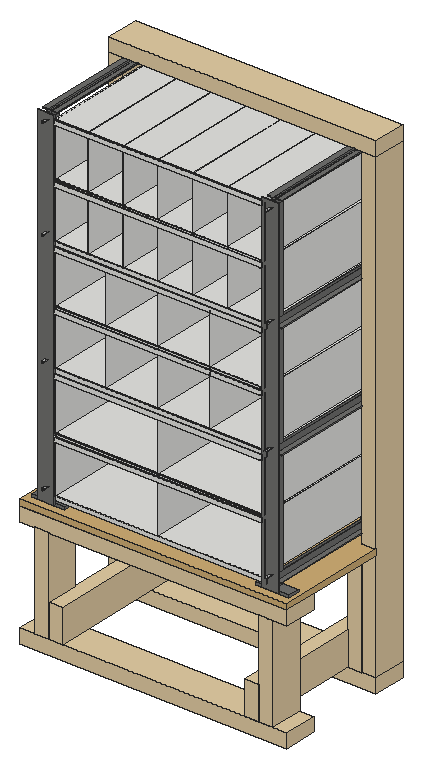
Revit family "Mailboxes_Aluminum-Rack_Ladder_System-Salsbury_Industries-3_Unit_High_Wall_Installation", category Specialty Equipment, host Wall, Revit 2016 (continued)
Definition of nested family "2200_Series_Aluminum_Mailboxes_Rack_Ladder_Units"
  Parameters (values of type "2204")
    Door Location D9 = Rack Ladder #3 Door : #3 Door
    Door Location D8 = Rack Ladder None : No Door
    Door Location D7 = Rack Ladder None : No Door
    Door Location D6 = Rack Ladder #3 Door : #3 Door
    Door Location D5 = Rack Ladder None : No Door
    Door Location D4 = Rack Ladder None : No Door
    Door Location D3 = Rack Ladder #3 Door : #3 Door
    Door Location D2 = Rack Ladder None : No Door
    Door Location D17 = Rack Ladder None : No Door
    Door Location D16 = Rack Ladder None : No Door
    Door Location D15 = Rack Ladder None : No Door
    Door Location D13 = Rack Ladder None : No Door
    Door Location D12 = Rack Ladder #3 Door : #3 Door
    Door Location D11 = Rack Ladder None : No Door
    Door Location D10 = Rack Ladder None : No Door
    Door Location D1 = Rack Ladder None : No Door
    Door Location D14 = Rack Ladder None : No Door
    Door Divider Offset = 0.000"
    Dividers 6, 7 = no
    Dividers 1, 2, 4, 5 = no
    Divider 3 Parcel = no
    Divider 3 = yes
    Description = "Rack Ladder System - 4 #3 Doors"
    Depth = 15.500"
    Box Offset = 0.156"
    Back Panel = no
    Back Enclosure Material = none
    Assembly Code = "C1030910"
  Types (10): name | Void 2 Offset | Void 1 Offset | Visible | Type Comments | Rear Overhang | Rear Door | Model | Horizontal Dividers | Door Slot #9 Number | Door Slot #8 Number | Door Slot #7 Number | Door Slot #6 Number | Door Slot #5 Number | Door Slot #4 Number | Door Slot #3 Number | Door Slot #2 Number | Door Slot #17 Number | Door Slot #16 Number | Door Slot #15 Number | Door Slot #14 Number | Door Slot #13 Number | Door Slot #12 Number | Door Slot #11 Number | Door Slot #10 Number | Door Slot #1 Number | Door Numbers | Door Location D9 | Door Location D8 | Door Location D7 | Door Location D6 | Door Location D5 | Door Location D4 | Door Location D3 | Door Location D2 | Door Location D17 | Door Location D16 | Door Location D15 | Door Location D13 | Door Location D12 | Door Location D11 | Door Location D10 | Door Location D1 | Door Location D14 | Door Divider Offset | Dividers 6, 7 | Dividers 1, 2, 4, 5 | Divider 3 Parcel | Divider 3 | Description | Back Panel
    2212 | 0.000" | 0.000" | yes | "Aluminum Mailbox" | yes | no | "2212" | yes | "9" | "8" | "7" | "6" | "5" | "4" | "3" | "2" | "0" | "0" | "0" | "0" | "0" | "1\r\n2" | "1\r\n1" | "1\r\n0" | "1" | yes | Rack Ladder #1 Door : #1 Door | Rack Ladder #1 Door : #1 Door | Rack Ladder #1 Door : #1 Door | Rack Ladder #1 Door : #1 Door | Rack Ladder #1 Door : #1 Door | Rack Ladder #1 Door : #1 Door | Rack Ladder #1 Door : #1 Door | Rack Ladder #1 Door : #1 Door | Rack Ladder None : No Door | Rack Ladder None : No Door | Rack Ladder None : No Door | Rack Ladder None : No Door | Rack Ladder #1 Door : #1 Door | Rack Ladder #1 Door : #1 Door | Rack Ladder #1 Door : #1 Door | Rack Ladder #1 Door : #1 Door | Rack Ladder None : No Door | 0.000" | no | yes | no | yes | "Rack Ladder System - 12 #1 Doors" | no
    2208 | 0.000" | 0.000" | yes | "Aluminum Mailbox" | yes | no | "2208" | yes | "6" | "0" | "0" | "4" | "0" | "0" | "2" | "0" | "0" | "7" | "5" | "3" | "1" | "8" | "0" | "0" | "0" | yes | Rack Ladder #2 Door : #2 Door | Rack Ladder None : No Door | Rack Ladder None : No Door | Rack Ladder #2 Door : #2 Door | Rack Ladder None : No Door | Rack Ladder None : No Door | Rack Ladder #2 Door : #2 Door | Rack Ladder None : No Door | Rack Ladder None : No Door | Rack Ladder #2 Door : #2 Door | Rack Ladder #2 Door : #2 Door | Rack Ladder #2 Door : #2 Door | Rack Ladder #2 Door : #2 Door | Rack Ladder None : No Door | Rack Ladder None : No Door | Rack Ladder None : No Door | Rack Ladder #2 Door : #2 Door | 0.000" | yes | no | no | yes | "Rack Ladder System - 8 #2 Doors" | no
    2204 | 0.000" | 0.000" | yes | "Aluminum Mailbox" | yes | no | "2204" | yes | "3" | "0" | "0" | "2" | "0" | "0" | "1" | "0" | "0" | "0" | "0" | "0" | "0" | "4" | "0" | "0" | "0" | yes | Rack Ladder #3 Door : #3 Door | Rack Ladder None : No Door | Rack Ladder None : No Door | Rack Ladder #3 Door : #3 Door | Rack Ladder None : No Door | Rack Ladder None : No Door | Rack Ladder #3 Door : #3 Door | Rack Ladder None : No Door | Rack Ladder None : No Door | Rack Ladder None : No Door | Rack Ladder None : No Door | Rack Ladder None : No Door | Rack Ladder #3 Door : #3 Door | Rack Ladder None : No Door | Rack Ladder None : No Door | Rack Ladder None : No Door | Rack Ladder None : No Door | 0.000" | no | no | no | yes | "Rack Ladder System - 4 #3 Doors" | no
    2202 | 0.040" | 6.200" | yes | "Aluminum Mailbox" | yes | no | "2202" | no | "1" | "0" | "0" | "0" | "0" | "0" | "0" | "0" | "0" | "0" | "0" | "0" | "0" | "2" | "0" | "0" | "0" | yes | Rack Ladder #4 Door : #4 Door | Rack Ladder None : No Door | Rack Ladder None : No Door | Rack Ladder None : No Door | Rack Ladder None : No Door | Rack Ladder None : No Door | Rack Ladder None : No Door | Rack Ladder None : No Door | Rack Ladder None : No Door | Rack Ladder None : No Door | Rack Ladder None : No Door | Rack Ladder None : No Door | Rack Ladder #4 Door : #4 Door | Rack Ladder None : No Door | Rack Ladder None : No Door | Rack Ladder None : No Door | Rack Ladder None : No Door | 0.000" | no | no | no | yes | "Rack Ladder System - 2 #4 Doors" | no
    2201 | 0.040" | 6.200" | yes | "Aluminum Mailbox" | yes | no | "2201" | no | "0" | "0" | "0" | "0" | "0" | "0" | "0" | "0" | "1" | "0" | "0" | "0" | "0" | "0" | "0" | "0" | "0" | yes | Rack Ladder None : No Door | Rack Ladder None : No Door | Rack Ladder None : No Door | Rack Ladder None : No Door | Rack Ladder None : No Door | Rack Ladder None : No Door | Rack Ladder None : No Door | Rack Ladder None : No Door | Rack Ladder #4 Door-Left Blank Door : #4 Door Left Blank Door | Rack Ladder None : No Door | Rack Ladder None : No Door | Rack Ladder None : No Door | Rack Ladder #4 Door-Right Keyed Door : #4 Right Keyed Door | Rack Ladder None : No Door | Rack Ladder None : No Door | Rack Ladder None : No Door | Rack Ladder None : No Door | 22.031" | no | no | no | no | "Rack Ladder System - 1 Door" | no
    2280 | 0.040" | 6.200" | yes | "Aluminum Drop Box" | yes | no | "2280" | no | "0" | "0" | "0" | "0" | "0" | "0" | "0" | "0" | "M\r\nA\r\nI\r\nL" | "0" | "0" | "0" | "0" | "0" | "0" | "0" | "0" | yes | Rack Ladder None : No Door | Rack Ladder None : No Door | Rack Ladder None : No Door | Rack Ladder None : No Door | Rack Ladder None : No Door | Rack Ladder None : No Door | Rack Ladder None : No Door | Rack Ladder None : No Door | Rack Ladder #4 Door-Left Mail Door-Full : #4 Door Left Mail Door-Full Slot | Rack Ladder None : No Door | Rack Ladder None : No Door | Rack Ladder None : No Door | Rack Ladder #4 Door-Right Mail Door-Full : #4 Door Right Mail Door - Full Slot | Rack Ladder None : No Door | Rack Ladder None : No Door | Rack Ladder None : No Door | Rack Ladder None : No Door | 22.031" | no | no | no | no | "Rack Ladder System - 1 Compartment" | yes
    2282 | 0.040" | 6.200" | yes | "Aluminum Drop Boxes" | yes | no | "2282" | no | "M\r\nA\r\nI\r\nL" | "0" | "0" | "0" | "0" | "0" | "0" | "0" | "0" | "0" | "0" | "0" | "0" | "M\r\nA\r\nI\r\nL" | "0" | "0" | "0" | yes | Rack Ladder #4 Door-Mail Door-Center : #4 Door Right Mail Door-Centered Slot | Rack Ladder None : No Door | Rack Ladder None : No Door | Rack Ladder None : No Door | Rack Ladder None : No Door | Rack Ladder None : No Door | Rack Ladder None : No Door | Rack Ladder None : No Door | Rack Ladder None : No Door | Rack Ladder None : No Door | Rack Ladder None : No Door | Rack Ladder None : No Door | Rack Ladder #4 Door-Mail Door-Center : #4 Door Right Mail Door-Centered Slot | Rack Ladder None : No Door | Rack Ladder None : No Door | Rack Ladder None : No Door | Rack Ladder None : No Door | 0.000" | no | no | no | yes | "Rack Ladder System - 2 Compartments" | yes
    None | 0.000" | 0.000" | no | "Aluminum Mailbox" | no | no | "2212" | no | "9" | "8" | "7" | "6" | "5" | "4" | "3" | "2" | "0" | "0" | "0" | "0" | "0" | "1\r\n2" | "1\r\n1" | "1\r\n0" | "1" | no | Rack Ladder #1 Door : #1 Door | Rack Ladder #1 Door : #1 Door | Rack Ladder #1 Door : #1 Door | Rack Ladder #1 Door : #1 Door | Rack Ladder #1 Door : #1 Door | Rack Ladder #1 Door : #1 Door | Rack Ladder #1 Door : #1 Door | Rack Ladder #1 Door : #1 Door | Rack Ladder None : No Door | Rack Ladder None : No Door | Rack Ladder None : No Door | Rack Ladder None : No Door | Rack Ladder #1 Door : #1 Door | Rack Ladder #1 Door : #1 Door | Rack Ladder #1 Door : #1 Door | Rack Ladder #1 Door : #1 Door | Rack Ladder None : No Door | 0.000" | no | no | no | no | "Rack Ladder System - 12 #1 Doors" | no
    2270P | 0.040" | 6.200" | yes | "Aluminum Parcel Locker" | no | yes | "2270P" | no | "1" | "0" | "0" | "0" | "0" | "0" | "0" | "0" | "0" | "0" | "0" | "0" | "0" | "2" | "0" | "0" | "0" | yes | Rack Ladder None : No Door | Rack Ladder None : No Door | Rack Ladder None : No Door | Rack Ladder None : No Door | Rack Ladder None : No Door | Rack Ladder None : No Door | Rack Ladder None : No Door | Rack Ladder None : No Door | Rack Ladder None : No Door | Rack Ladder None : No Door | Rack Ladder None : No Door | Rack Ladder None : No Door | Rack Ladder #4 Door-Right Parcel Doors : Full Parcel Door | Rack Ladder None : No Door | Rack Ladder None : No Door | Rack Ladder None : No Door | Rack Ladder None : No Door | 0.000" | no | no | no | no | "Rack Ladder System - 1 Door" | no
    2272P | 0.040" | 6.200" | yes | "Aluminum Parcel Lockers" | no | yes | "2272P" | no | "1" | "0" | "0" | "0" | "0" | "0" | "0" | "0" | "0" | "0" | "0" | "0" | "0" | "2" | "0" | "0" | "0" | yes | Rack Ladder #4 Door-Right Parcel Doors : #4 Door-Right Parcel Door 1P | Rack Ladder None : No Door | Rack Ladder None : No Door | Rack Ladder None : No Door | Rack Ladder None : No Door | Rack Ladder None : No Door | Rack Ladder None : No Door | Rack Ladder None : No Door | Rack Ladder None : No Door | Rack Ladder None : No Door | Rack Ladder None : No Door | Rack Ladder None : No Door | Rack Ladder #4 Door-Right Parcel Doors : #4 Door-Right Parcel Door 2P | Rack Ladder None : No Door | Rack Ladder None : No Door | Rack Ladder None : No Door | Rack Ladder None : No Door | 0.000" | no | no | yes | no | "Rack Ladder System - 2 Doors" | no
  Reference planes (in)
    plane 1 "Center (Front/Back)": y = 0
    plane 2 "Bottom": z = 0
    plane 3 "Center (Left/Right)": x = 0
    plane 4 "Left": x = -11.625
    plane 5 "Right": x = 11.625
    plane 6 "Front": y = -7.75
    plane 7 "Back": y = 7.75
    plane 8 "Vertical Center": z = 6.094
    plane 9 "Top": z = 12.188
    plane 10: y = -7.625
    plane 11 "Door Align-Back of Door": y = -7.09375
    plane 12 "Back Edge of Top Trim": y = -6.21875
    plane 13 "Front Edge of Side Panels": y = -6.8125
    plane 14 "Back Edge of Side Panels": y = 7.625
    plane 15: y = -7.563
    plane 16: y = -7.063
    plane 17 "Back Edge of Bottom Trim": y = -6.1255
    plane 18: z = 0.125
    plane 19: z = 0.0625
    plane 20 "Bottom Trim Height": z = 0.25
    plane 21 "Top Trim Height": z = 11.8755
    plane 22: z = 12.03175
    plane 23: z = 12.063
    plane 24 "Right Side Trim Alignment-Top and Bottom Trim": x = 11.25
    plane 25 "Inner Right Side of Trim": x = 11.09375
    plane 26 "Right Wall of Enclsosure": x = 10.93775
    plane 27: y = -7.5
    plane 28: y = -7.375
    plane 29 "Back Edge of Side Trim": y = -6.3125
    plane 30 "Left Side Trim Alignment-Top and Bottom Trim": x = -11.25
    plane 31 "Trop Trim Extrusion Line": y = -7.53125
    plane 32 "Left Wall of Enclosure": x = -11.0935
    plane 33: z = 11.7505
    plane 34: z = -0.249
    plane 35: z = 0
    plane 36: x = -11.59375
    plane 37: x = 11.625
    plane 38 "Door Divider 2": x = -3.6975
    plane 39 "Door Divider 3": x = 0.0005
    plane 40 "Door Divider 4": x = 3.6985
    plane 41 "Door Divider 7": x = 5.54825
    plane 42 "Door Divider 5": x = 7.3965
    plane 43 "Void 1": z = 6.063
    plane 44 "Void 2 Offset": y = 7.625
    plane 45 "Bottom Compartment Section-Top Plate": z = 5.907
    plane 46 "Door Divider 6": x = -5.54675
    plane 47 "Door Divider 1": x = -7.3955
    plane 48 "Door Divider Offset Align": x = 11.09375
    plane 49 "Door Divider": x = 11.09375
    plane 50 "Void 1 Offset": z = 6.063
    plane 51 "Void 2": y = 7.625
    plane 52: z = 6.188
    plane 53 "Vertical Center of Back Enclosure": z = 6.063
    plane 54 "Door Align - Row 2": z = 0.28125
    plane 55 "Door Align - Row 1": z = 6.219
    plane 56 "Vertical Door Align 5": x = 7.23725
    plane 57 "Vertical Door Align 8": x = 5.389
    plane 58 "Vertical Door Align 4": x = 3.53925
    plane 59 "Vertical Door Align 3": x = -0.15875
    plane 60 "Vertical Door Align 2": x = -3.85675
    plane 61 "Vertical Door Align 7": x = -5.70575
    plane 62 "Vertical Door Align 1": x = -7.5545
    plane 63 "Vertical Door Align 6": x = 10.9375
    plane 64 "OffSet Divider Line": x = -11.0935
    plane 65 "Hinge 1": x = 5.93775
    plane 66 "Hinge 2": x = -6.0935
    plane 67: z = 11.84425
    plane 68: x = -11.06225
    plane 69: x = 10.9065
    plane 70: z = 5.938
    plane 71: z = 11.84425
    plane 72: z = 11.81325
    plane 73: z = 11.41742
    plane 74: z = 11.38642
    plane 75: y = 7.719
    plane 76: y = 7.656
    plane 77: y = 7.594
    plane 78: y = 7.719
    plane 79: y = 7.656
    plane 80: z = 5.876
    plane 81: z = 5.47992
    plane 82: z = 5.44892
    plane 83: z = 10.688
    plane 84: z = 0.46875
    plane 85: z = 0.15625
    plane 86: x = 7.0315
    plane 87: x = 4.844
    plane 88: x = -4.99975
    plane 89: x = -7.18725
    plane 90: y = 7.656
    plane 91: z = 4.875
    plane 92: y = 7.594
    plane 93: x = -11.3745
    plane 94: y = 7.5625
    plane 95: y = 6.6875
    plane 96: y = 6.625
    plane 97: z = 0.1875
    plane 98: z = 0.0625
    plane 99: z = 11.84425
    plane 100: x = 7.4275
    plane 101: x = 5.57925
    plane 102: x = 3.7295
    plane 103: x = 0.0315
    plane 104: x = -3.6665
    plane 105: x = -5.51575
    plane 106: x = -7.3645
    plane 107: z = 6.12525
    plane 108: y = -7.3755
    plane 109: y = -7.5
    plane 110: x = 10.93775
    plane 111: y = 7.5625
  Forms (in)
    Extrusion 1, solid, material <- "Trim Material", visible <- "Visible"
      sketch origin (0, 0, 0) x (0, 1, 0) y (0, 0, 1)
        loop
          line (-7.75, 11.8755) -> (-6.21875, 11.8755) -> (-6.21875, 12.03175) -> (-7.09375, 12.03175) -> (-7.09375, 12.063) -> (-7.625, 12.063) -> (-7.625, 12.188) -> (-7.75, 12.188) -> (-7.75, 11.8755)
      from -11.25 to 11.25
    Extrusion 2, solid, material <- "Trim Material", visible <- "Visible"
      sketch origin (0, 0, 0) x (0, 1, 0) y (0, 0, 1)
        loop
          line (-6.1255, 0.25) -> (-7.75, 0.25) -> (-7.75, 0.125) -> (-7.563, 0.125) -> (-7.563, 0) -> (-7.063, 0) -> (-7.063, 0.0625) -> (-6.1255, 0.0625) -> (-6.1255, 0.25)
      from -11.625 to 11.625
    Extrusion 3, solid, material <- "Trim Material", visible <- "Visible"
      sketch origin (0, 0, 6.094) x (0, -1, 0) y (1, 0, 0)
        loop
          line (7.5, 11.625) -> (7.375, 11.625) -> (7.375, 11.25) -> (6.3125, 11.25) -> (6.3125, 11.09375) -> (7.75, 11.09375) -> (7.75, 11.25) -> (7.5, 11.25) -> (7.5, 11.625)
      from -5.844 to 5.7815
    Extrusion 4, void
      sketch origin (0, 0, 0) x (1, 0, 0) y (0, 1, 0)
        loop
          line (11.625, -7.75) -> (11.625, -7.5) -> (11.25, -7.5) -> (11.25, -7.75) -> (11.625, -7.75)
      from 0 to 0.25
    Extrusion 5, solid, material <- "Trim Material", visible <- "Visible"
      sketch origin (0, 0, 6.094) x (0, -1, 0) y (1, 0, 0)
        loop
          line (7.5, -11.625) -> (7.5, -11.25) -> (7.75, -11.25) -> (7.75, -11.0935) -> (6.3125, -11.0935) -> (6.3125, -11.25) -> (7.3755, -11.25) -> (7.3755, -11.625) -> (7.5, -11.625)
      from -5.844 to 5.7815
    Extrusion 6, void
      sketch origin (0, 0, 0) x (-1, 0, 0) y (0, -1, 0)
        loop
          line (11.625, 7.75) -> (11.25, 7.75) -> (11.25, 7.5) -> (11.625, 7.5) -> (11.625, 7.75)
      from 0 to 0.25
    Extrusion 7, void
      sketch origin (0, 0, 0) x (0, 1, 0) y (0, 0, 1)
        loop
          line (-7.75, 11.8755) -> (-7.53125, 11.8755) -> (-7.53125, 12.03175) -> (-7.75, 12.03175) -> (-7.75, 11.8755)
      from -11.0935 to 11.09375
    Sweep 8, solid, material <- "Back Enclosure Material", visible <- "Visible"
      path origin (0, 0, 0) x (1, 0, 0) y (0, 0, 1)
        loop
          line (-11.0935, 11.8755) -> (-11.0935, 0.25) -> (10.93775, 0.25) -> (10.93775, 11.8755) -> (-11.0935, 11.8755)
      profile origin (-0.07788, 0, 11.8755) x (0, 0, 1) y (0, -1, 0)
        loop
          line (0, 7.09375) -> (-0.03125, 7.09375) -> (-0.03125, -7.625) -> (0, -7.625) -> (0, 7.09375)
    Extrusion 9, solid, material <- "Back Enclosure Material", visible <- "Rear Overhang"
      sketch origin (0, 0, 0) x (0, 1, 0) y (0, 0, 1)
        loop
          line (7.625, 11.8755) -> (7.625, 11.84425) -> (7.719, 11.84425) -> (7.719, 11.41742) -> (7.656, 11.41742) -> (7.656, 11.81325) -> (7.625, 11.81325) -> (7.625, 11.38642) -> (7.75, 11.38642) -> (7.75, 11.8755) -> (7.625, 11.8755)
      from -11.0935 to 10.93775
    Extrusion 10, solid, material <- "Back Enclosure Material", visible <- "Visible"
      sketch origin (0, 0, 0) x (0, 1, 0) y (0, 0, 1)
        loop
          line (7.625, 0.25) -> (6.625, 0.25) -> (6.625, 0.0625) -> (6.6875, 0.0625) -> (6.6875, 0.1875) -> (7.5625, 0.1875) -> (7.5625, -0.249) -> (7.625, -0.249) -> (7.625, 0.25)
      from -11.59375 to 11.625
    Extrusion 11, void
      sketch origin (0, 0, 6.063) x (0, -1, 0) y (1, 0, 0)
        loop
          line (-7.625, -11.0935) -> (7.563, -11.0935) -> (7.563, 11.09375) -> (-7.625, 11.09375) -> (-7.625, -11.0935)
      from -0.125 to 0.125
    Extrusion 12, void
      sketch origin (0, 7.625, 0) x (0, 0, -1) y (1, 0, 0)
        loop
          line (-6.219, 11.25) -> (-6.219, 10.93775) -> (-5.907, 10.93775) -> (-5.907, 11.25) -> (-6.219, 11.25)
        loop
          line (-6.219, -11.0935) -> (-6.219, -11.375) -> (-5.907, -11.375) -> (-5.907, -11.0935) -> (-6.219, -11.0935)
      from 0 to 0.031
    Extrusion 13, solid, material <- "Back Enclosure Material", visible <- "Horizontal Dividers"
      sketch origin (0, 0, -5.8595) x (0, 1, 0) y (0, 0, 1)
        loop
          line (7.625, 11.7975) -> (7.625, 11.9535) -> (7.594, 11.9535) -> (7.594, 11.7665) -> (7.719, 11.7665) -> (7.719, 11.33942) -> (7.656, 11.33942) -> (7.656, 11.7355) -> (7.625, 11.7355) -> (7.625, 11.30842) -> (7.75, 11.30842) -> (7.75, 11.7975) -> (7.625, 11.7975)
      from -11.0935 to 10.93775
    Extrusion 14, solid, material <- "Front Panel Material", visible <- "Visible"
      sketch origin (11.09375, 0, 0) x (0, -1, 0) y (0, 0, 1)
        loop
          line (6.3125, 11.8755) -> (6.3125, 0.25) -> (7.53125, 0.25) -> (7.53125, 11.8755) -> (6.3125, 11.8755)
      from 0 to 0.156
    Extrusion 15, solid, material <- "Front Panel Material", visible <- "Dividers 6, 7"
      sketch origin (5.54825, 0, 0) x (0, 0, -1) y (0, -1, 0)
        loop
          line (-11.8755, 6.3125) -> (-0.25, 6.3125) -> (-0.25, 7.53125) -> (-11.8755, 7.53125) -> (-11.8755, 6.3125)
      from 0 to 0.15925
    Extrusion 16, solid, material <- "Front Panel Material", visible <- "Dividers 1, 2, 4, 5"
      sketch origin (7.3965, 0, 0) x (0, 0, -1) y (0, -1, 0)
        loop
          line (-11.8755, 6.3125) -> (-0.25, 6.3125) -> (-0.25, 7.53125) -> (-11.8755, 7.53125) -> (-11.8755, 6.3125)
      from 0 to 0.15925
    Extrusion 17, solid, material <- "Front Panel Material", visible <- "Dividers 6, 7"
      sketch origin (-5.54675, 0, 0) x (0, 0, -1) y (0, 1, 0)
        loop
          line (-11.8755, -6.3125) -> (-11.8755, -7.53125) -> (-0.25, -7.53125) -> (-0.25, -6.3125) -> (-11.8755, -6.3125)
      from 0 to -0.159
    Extrusion 18, solid, material <- "Front Panel Material", visible <- "Dividers 1, 2, 4, 5"
      sketch origin (3.6985, 0, 0) x (0, 0, -1) y (0, -1, 0)
        loop
          line (-11.8755, 6.3125) -> (-0.25, 6.3125) -> (-0.25, 7.53125) -> (-11.8755, 7.53125) -> (-11.8755, 6.3125)
      from 0 to 0.15925
    Extrusion 19, solid, material <- "Front Panel Material", visible <- "Divider 3"
      sketch origin (0.0005, 0, 0) x (0, 0, -1) y (0, -1, 0)
        loop
          line (-11.8755, 6.3125) -> (-0.25, 6.3125) -> (-0.25, 7.53125) -> (-11.8755, 7.53125) -> (-11.8755, 6.3125)
      from 0 to 0.15925
    Extrusion 20, solid, material <- "Front Panel Material", visible <- "Dividers 1, 2, 4, 5"
      sketch origin (-3.6975, 0, 0) x (0, 0, -1) y (0, -1, 0)
        loop
          line (-11.8755, 6.3125) -> (-0.25, 6.3125) -> (-0.25, 7.53125) -> (-11.8755, 7.53125) -> (-11.8755, 6.3125)
      from 0 to 0.15925
    Extrusion 21, solid, material <- "Front Panel Material", visible <- "Dividers 1, 2, 4, 5"
      sketch origin (-7.3955, 0, 0) x (0, 0, -1) y (0, 1, 0)
        loop
          line (-11.8755, -6.3125) -> (-11.8755, -7.53125) -> (-0.25, -7.53125) -> (-0.25, -6.3125) -> (-11.8755, -6.3125)
      from 0 to -0.159
    Extrusion 22, solid, material <- "Back Enclosure Material", visible <- "Horizontal Dividers"
      sketch origin (0, 0, 5.907) x (1, 0, 0) y (0, 1, 0)
        loop
          line (-11.06225, 7.594) -> (-11.06225, -7.09375) -> (10.9065, -7.09375) -> (10.9065, 7.594) -> (-11.06225, 7.594)
      from 0 to 0.031
    Extrusion 23, solid, material <- "Back Enclosure Material", visible <- "Horizontal Dividers"
      sketch origin (0, 0, 6.219) x (1, 0, 0) y (0, 1, 0)
        loop
          line (-11.06225, 7.625) -> (-11.06225, -7.09375) -> (10.9065, -7.09375) -> (10.9065, 7.625) -> (-11.06225, 7.625)
      from 0 to -0.031
    Extrusion 24, solid, material <- "Trim Material", visible <- "Horizontal Dividers"
      sketch origin (0, 0, 0) x (0, 1, 0) y (0, 0, 1)
        loop
          line (-6.3125, 5.938) -> (-6.3125, 6.188) -> (-7.75, 6.188) -> (-7.75, 6.12525) -> (-7.53125, 6.12525) -> (-7.53125, 5.938) -> (-6.3125, 5.938)
      from -11.0935 to 11.09375
    Extrusion 25, solid, material <- "Back Enclosure Material", visible <- "Dividers 1, 2, 4, 5"
      sketch origin (7.3965, 0, 0) x (0, 0, -1) y (0, -1, 0)
        loop
          line (-11.84425, 7.09375) -> (-11.84425, -7.625) -> (-0.28125, -7.625) -> (-0.28125, 7.09375) -> (-11.84425, 7.09375)
      from 0 to -0.031
    Extrusion 26, solid, material <- "Back Enclosure Material", visible <- "Dividers 1, 2, 4, 5"
      sketch origin (3.6985, 0, 0) x (0, 0, -1) y (0, -1, 0)
        loop
          line (-11.84425, 7.09375) -> (-11.84425, -7.625) -> (-0.28125, -7.625) -> (-0.28125, 7.09375) -> (-11.84425, 7.09375)
      from 0 to -0.031
    Extrusion 27, solid, material <- "Back Enclosure Material", visible <- "Divider 3"
      sketch origin (0.0005, 0, 0) x (0, 0, -1) y (0, -1, 0)
        loop
          line (-11.84425, 7.09375) -> (-11.84425, -7.625) -> (-0.28125, -7.625) -> (-0.28125, 7.09375) -> (-11.84425, 7.09375)
      from 0 to -0.031
    Extrusion 28, solid, material <- "Back Enclosure Material", visible <- "Dividers 1, 2, 4, 5"
      sketch origin (-3.6975, 0, 0) x (0, 0, -1) y (0, -1, 0)
        loop
          line (-11.84425, 7.09375) -> (-11.84425, -7.625) -> (-0.28125, -7.625) -> (-0.28125, 7.09375) -> (-11.84425, 7.09375)
      from 0 to -0.031
    Extrusion 29, solid, material <- "Back Enclosure Material", visible <- "Dividers 1, 2, 4, 5"
      sketch origin (-7.3955, 0, 0) x (0, 0, -1) y (0, 1, 0)
        loop
          line (-11.84425, -7.09375) -> (-0.28125, -7.09375) -> (-0.28125, 7.625) -> (-11.84425, 7.625) -> (-11.84425, -7.09375)
      from 0 to 0.031
    Extrusion 30, solid, material <- "Back Enclosure Material", visible <- "Dividers 6, 7"
      sketch origin (5.54825, 0, 0) x (0, 0, -1) y (0, -1, 0)
        loop
          line (-11.84425, 7.09375) -> (-11.84425, -7.625) -> (-0.28125, -7.625) -> (-0.28125, 7.09375) -> (-11.84425, 7.09375)
      from 0 to -0.031
    Extrusion 31, solid, material <- "Back Enclosure Material", visible <- "Dividers 6, 7"
      sketch origin (-5.54675, 0, 0) x (0, 0, -1) y (0, 1, 0)
        loop
          line (-11.84425, -7.09375) -> (-0.28125, -7.09375) -> (-0.28125, 7.625) -> (-11.84425, 7.625) -> (-11.84425, -7.09375)
      from 0 to 0.031
    Extrusion 32, solid, visible <- "Visible"
      sketch origin (10.93775, 0, 0) x (0, -1, 0) y (0, 0, 1)
        loop
          line (-7.594, 11.8755) -> (-7.625, 11.8755) -> (-7.625, 0.25) -> (-7.594, 0.25) -> (-7.594, 11.8755)
      from -0.31225 to 0
    Extrusion 33, solid, visible <- "Visible"
      sketch origin (-11.0935, 0, 0) x (0, 0, -1) y (0, -1, 0)
        loop
          line (-11.8755, -7.594) -> (-11.8755, -7.625) -> (-0.28125, -7.625) -> (-0.28125, -7.594) -> (-11.8755, -7.594)
      from 0.281 to 0
    Extrusion 34, solid, material <- "Back Enclosure Material", visible <- "Back Panel"
      sketch origin (0, 7.625, 0) x (0, 0, -1) y (1, 0, 0)
        loop
          line (-0.25, 10.93775) -> (-4.875, 10.93775) -> (-4.875, -11.0935) -> (-0.25, -11.0935) -> (-0.25, 10.93775)
      from 0 to -0.031
    Extrusion 35, solid, material <- "Back Enclosure Material", visible <- "Rear Door"
      sketch origin (0, 7.625, 0) x (0, 0, -1) y (1, 0, 0)
        loop
          line (-11.8755, 10.93775) -> (-11.8755, -11.0935) -> (-10.688, -11.0935) -> (-10.688, 10.93775) -> (-11.8755, 10.93775)
      from 0 to -0.031
    Extrusion 36, solid, material <- "Back Enclosure Material", visible <- "Rear Door"
      sketch origin (0, 7.625, 0) x (0, 0, -1) y (1, 0, 0)
        loop
          line (-10.688, 10.93775) -> (-10.688, -11.0935) -> (0.249, -11.0935) -> (0.249, 10.93775) -> (-10.688, 10.93775)
        loop
          line (-0.15625, 7.0315) -> (-0.46875, 7.0315) -> (-0.46875, 4.844) -> (-0.15625, 4.844) -> (-0.15625, 7.0315)
        loop
          line (-0.15625, -4.99975) -> (-0.46875, -4.99975) -> (-0.46875, -7.18725) -> (-0.15625, -7.18725) -> (-0.15625, -4.99975)
      from 0 to -0.031
    Extrusion 37, solid, material <- "Trim Material", visible <- "Divider 3 Parcel"
      sketch origin (-0.15875, 0, 0) x (0, 0, -1) y (0, -1, 0)
        loop
          line (-11.8755, 6.3125) -> (-0.25, 6.3125) -> (-0.25, 7.53125) -> (-11.8755, 7.53125) -> (-11.8755, 6.3125)
      from 0 to -0.15925
    Extrusion 38, solid, material <- "Front Panel Material", visible <- "Visible"
      sketch origin (11.09375, 0, 0) x (0, -1, 0) y (0, 0, 1)
        loop
          line (6.3125, 11.8755) -> (6.3125, 0.25) -> (7.53125, 0.25) -> (7.53125, 11.8755) -> (6.3125, 11.8755)
      from 0 to 0.156
  Cuts and joins
    Extrusion 4, Extrusion 7 cuts Extrusion 1
    Extrusion 4, Extrusion 6 cuts Extrusion 2
    Extrusion 4, Extrusion 7 cuts Extrusion 3
    Extrusion 11, Extrusion 12 cuts Sweep 8
    Extrusion 11 cuts Extrusion 14
    Extrusion 11 cuts Extrusion 16
    Extrusion 11 cuts Extrusion 15
    Extrusion 11 cuts Extrusion 18
    Extrusion 11 cuts Extrusion 19
    Extrusion 11 cuts Extrusion 20
    Extrusion 11 cuts Extrusion 17
    Extrusion 11 cuts Extrusion 21
    Extrusion 11 cuts Extrusion 25
    Extrusion 11 cuts Extrusion 30
    Extrusion 11 cuts Extrusion 26
    Extrusion 11 cuts Extrusion 27
    Extrusion 11 cuts Extrusion 28
    Extrusion 11 cuts Extrusion 31
    Extrusion 11 cuts Extrusion 29
    Extrusion 12 cuts Extrusion 32
    Extrusion 12 cuts Extrusion 33
  Lines and regions (in)
    symbolic lines
      curve 1: line (-11.625, 7.75, 11.8755) -> (-11.0935, 7.75, 11.8755)
      curve 2: line (-11.625, 7.75, 0.25) -> (-11.625, 7.75, 11.8755)
      curve 3: line (-11.0935, 7.75, 0.25) -> (-11.625, 7.75, 0.25)
      curve 4: line (-11.0935, 7.75, 11.8755) -> (-11.0935, 7.75, 0.25)
      curve 5: line (11.09375, 7.75, 11.8755) -> (11.625, 7.75, 11.8755)
      curve 6: line (11.09375, 7.75, 0.25) -> (11.09375, 7.75, 11.8755)
      curve 7: line (11.625, 7.75, 0.25) -> (11.09375, 7.75, 0.25)
      curve 8: line (11.625, 7.75, 11.8755) -> (11.625, 7.75, 0.25)
      curve 9: line (-11.25, 7.75, 12.188) -> (11.25, 7.75, 12.188)
      curve 10: line (-11.25, 7.75, 11.8755) -> (-11.25, 7.75, 12.188)
      curve 11: line (11.25, 7.75, 11.8755) -> (-11.25, 7.75, 11.8755)
      curve 12: line (11.25, 7.75, 12.188) -> (11.25, 7.75, 11.8755)
      curve 13: line (-11.625, 7.75, 0.25) -> (11.625, 7.75, 0.25)
      curve 14: line (-11.625, 7.75, 0) -> (-11.625, 7.75, 0.25)
      curve 15: line (11.625, 7.75, 0) -> (-11.625, 7.75, 0)
      curve 16: line (11.625, 7.75, 0.25) -> (11.625, 7.75, 0)
      curve 17: line (0.0005, -6.3125, 11.8755) -> (0.0005, 7.75, 11.8755)
      curve 18: line (0.0005, -6.3125, 0) -> (0.0005, -6.3125, 11.8755)
      curve 19: line (0.0005, 7.75, 0) -> (0.0005, -6.3125, 0)
      curve 20: line (0.0005, 7.75, 11.8755) -> (0.0005, 7.75, 0)
      curve 21: line (0.0005, -7.75, 12.188) -> (0.0005, -7.625, 12.188)
      curve 22: line (0.0005, -7.75, 0.125) -> (0.0005, -7.75, 12.188)
      curve 23: line (0.0005, -7.063, 0) -> (0.0005, -7.563, 0)
      curve 24: line (-11.625, 7.75, 0.28125) -> (11.625, 7.75, 0.28125)
      curve 25: line (-11.625, -6.1255, 0.28125) -> (-11.625, 7.75, 0.28125)
      curve 26: line (11.625, -6.1255, 0.28125) -> (-11.625, -6.1255, 0.28125)
      curve 27: line (11.625, 7.75, 0.28125) -> (11.625, -6.1255, 0.28125)
      curve 28: line (-11.625, -7.5, 0.28125) -> (-11.625, -6.1255, 0.28125)
      curve 29: line (11.25, -7.75, 0.28125) -> (-11.25, -7.75, 0.28125)
      curve 30: line (11.625, -6.1255, 0.28125) -> (11.625, -7.5, 0.28125)
      curve 31: line (11.625, -7.5, 0.28125) -> (11.25, -7.5, 0.28125)
      curve 32: line (11.25, -7.5, 0.28125) -> (11.25, -7.75, 0.28125)
      curve 33: line (-11.625, -7.5, 0.28125) -> (-11.25, -7.5, 0.28125)
      curve 34: line (-11.25, -7.5, 0.28125) -> (-11.25, -7.75, 0.28125)
      curve 35: line (0.0005, -7.563, 0) -> (0.0005, -7.563, 0.125)
      curve 36: line (0.0005, -7.563, 0.125) -> (0.0005, -7.75, 0.125)
      curve 37: line (0.0005, -7.063, 0) -> (0.0005, -7.063, 0.0625)
      curve 38: line (0.0005, -7.063, 0.0625) -> (0.0005, -6.1255, 0.0625)
      curve 39: line (0.0005, -7.625, 12.188) -> (0.0005, -7.625, 12.063)
      curve 40: line (0.0005, -7.625, 12.063) -> (0.0005, -7.09375, 12.063)
      curve 41: line (0.0005, -7.09375, 12.063) -> (0.0005, -7.09375, 12.03175)
      curve 42: line (0.0005, -7.09375, 12.03175) -> (0.0005, -6.21875, 12.03175)
      curve 43: line (0.0005, -6.21875, 12.03175) -> (0.0005, -6.21875, 11.8755)
      curve 44: line (0.0005, 7.5625, -0.249) -> (0.0005, 7.5625, 0)
      curve 45: line (0.0005, 7.625, -0.249) -> (0.0005, 7.5625, -0.249)
      curve 46: line (0.0005, 7.625, 0) -> (0.0005, 7.625, -0.249)
  Dimensions and locks (in)
    plane 6 "Front" to plane 1 "Center (Front/Back)" to plane 7 "Back" = 7.750", 7.750"
    "Depth": plane 6 "Front" to plane 7 "Back"
    equal spacing: plane 4 "Left", plane 3 "Center (Left/Right)", plane 5 "Right"
    "Width": plane 4 "Left" to plane 5 "Right"
    equal spacing: plane 9 "Top", plane 8 "Vertical Center", plane 2 "Bottom"
    "Height": plane 9 "Top" to plane 2 "Bottom"
    plane 6 "Front" to plane 10 to plane 11 "Door Align-Back of Door" to plane 12 "Back Edge of Top Trim" = 0.125", 0.53125", 0.875"
    plane 14 "Back Edge of Side Panels" to plane 7 "Back" = 0.125"
    plane 6 "Front" to plane 13 "Front Edge of Side Panels" = 0.9375"
    plane 6 "Front" to plane 15 to plane 16 to plane 17 "Back Edge of Bottom Trim" = 0.187", 0.500", 0.9375"
    plane 18 to plane 2 "Bottom" = 0.125"
    plane 19 to plane 2 "Bottom" = 0.0625"
    plane 20 "Bottom Trim Height" to plane 2 "Bottom" = 0.250"
    plane 9 "Top" to plane 21 "Top Trim Height" = 0.3125"
    plane 22 to plane 9 "Top" = 0.15625"
    plane 23 to plane 9 "Top" = 0.125"
    plane 25 "Inner Right Side of Trim" to plane 24 "Right Side Trim Alignment-Top and Bottom Trim" to plane 5 "Right" = 0.15625", 0.375"
    plane 6 "Front" to plane 27 to plane 28 = 0.250", 0.125"
    plane 6 "Front" to plane 29 "Back Edge of Side Trim" = 1.4375"
    plane 4 "Left" to plane 30 "Left Side Trim Alignment-Top and Bottom Trim" = 0.375"
    Extrusion 3 to plane 5 "Right" = 0.375"
    plane 6 "Front" to plane 31 "Trop Trim Extrusion Line" = 0.21875"
    plane 33 to plane 21 "Top Trim Height" = 0.125"
    plane 34 to plane 35 to plane 20 "Bottom Trim Height" = 0.249", 0.250"
    plane 8 "Vertical Center" to plane 43 "Void 1" = 0.031"
    "Void 2 Offset": plane 14 "Back Edge of Side Panels" to plane 44 "Void 2 Offset"
    plane 32 "Left Wall of Enclosure" to plane 47 "Door Divider 1" = 3.698"
    plane 32 "Left Wall of Enclosure" to plane 46 "Door Divider 6" = 5.54675"
    plane 32 "Left Wall of Enclosure" to plane 38 "Door Divider 2" = 7.396"
    plane 32 "Left Wall of Enclosure" to plane 39 "Door Divider 3" = 11.094"
    plane 32 "Left Wall of Enclosure" to plane 40 "Door Divider 4" = 14.792"
    plane 32 "Left Wall of Enclosure" to plane 41 "Door Divider 7" = 16.64175"
    plane 32 "Left Wall of Enclosure" to plane 42 "Door Divider 5" = 18.490"
    locked: plane 32 "Left Wall of Enclosure" to plane 26 "Right Wall of Enclsosure" at 22.03125
    "Box Offset": plane 26 "Right Wall of Enclsosure" to plane 25 "Inner Right Side of Trim"
    "Door Divider Offset": plane 49 "Door Divider" to plane 48 "Door Divider Offset Align"
    "Void 1 Offset": plane 50 "Void 1 Offset" to plane 43 "Void 1"
    plane 52 to plane 8 "Vertical Center" = 0.094"
    plane 45 "Bottom Compartment Section-Top Plate" to plane 8 "Vertical Center" to plane 52 = 0.187", 0.094"
    plane 56 "Vertical Door Align 5" to plane 42 "Door Divider 5" = 0.15925"
    plane 57 "Vertical Door Align 8" to plane 41 "Door Divider 7" = 0.15925"
    plane 58 "Vertical Door Align 4" to plane 40 "Door Divider 4" = 0.15925"
    plane 59 "Vertical Door Align 3" to plane 39 "Door Divider 3" = 0.15925"
    plane 60 "Vertical Door Align 2" to plane 38 "Door Divider 2" = 0.15925"
    plane 61 "Vertical Door Align 7" to plane 46 "Door Divider 6" = 0.159"
    plane 62 "Vertical Door Align 1" to plane 47 "Door Divider 1" = 0.159"
    plane 65 "Hinge 1" to plane 26 "Right Wall of Enclsosure" = 5.000"
    plane 32 "Left Wall of Enclosure" to plane 66 "Hinge 2" = 5.000"
    plane 67 to plane 21 "Top Trim Height" = 0.03125"
    plane 74 to plane 73 to plane 72 to plane 71 to plane 21 "Top Trim Height" = 0.031", 0.39583", 0.031", 0.03125"
    plane 14 "Back Edge of Side Panels" to plane 76 to plane 75 to plane 7 "Back" = 0.031", 0.063", 0.031"
    plane 4 "Left" to plane 89 to plane 88 = 4.43775", 2.1875"
    plane 87 to plane 86 to plane 5 "Right" = 2.1875", 4.5935"
    plane 34 to plane 85 to plane 84 = 0.40525", 0.3125"
    plane 92 to plane 14 "Back Edge of Side Panels" to plane 90 = 0.031", 0.031"
    plane 96 to plane 95 to plane 94 to plane 14 "Back Edge of Side Panels" = 0.0625", 0.875", 0.0625"
    plane 34 to plane 98 to plane 97 to plane 20 "Bottom Trim Height" = 0.3115", 0.125", 0.0625"
    plane 99 to plane 21 "Top Trim Height" = 0.03125"
    plane 52 to plane 107 = 0.06275"
    plane 108 to plane 109 to plane 31 "Trop Trim Extrusion Line" = 0.1245", 0.03125"
    locked: plane 110 to plane 49 "Door Divider" at 0.156
    aligned and locked: plane 2 "Bottom" to level
    aligned and locked: Extrusion 24 to plane 25 "Inner Right Side of Trim"
    aligned and locked: plane 32 "Left Wall of Enclosure" to Extrusion 13
    aligned and locked: Extrusion 13 to plane 26 "Right Wall of Enclsosure"
    aligned and locked: Extrusion 9 to plane 26 "Right Wall of Enclsosure"
    aligned and locked: plane 32 "Left Wall of Enclosure" to Extrusion 9
    aligned and locked: nested 6 to plane 54 "Door Align - Row 2"
    aligned and locked: nested 5 to plane 54 "Door Align - Row 2"
    aligned and locked: nested 4 to plane 54 "Door Align - Row 2"
    aligned and locked: nested 3 to plane 54 "Door Align - Row 2"
    aligned and locked: nested 1 to plane 54 "Door Align - Row 2"
    aligned and locked: nested 2 to plane 54 "Door Align - Row 2"
    aligned and locked: nested 8 to plane 55 "Door Align - Row 1"
    aligned and locked: nested 7 to plane 55 "Door Align - Row 1"
    aligned and locked: nested 9 to plane 55 "Door Align - Row 1"
    aligned and locked: nested 11 to plane 55 "Door Align - Row 1"
    aligned and locked: nested 10 to plane 55 "Door Align - Row 1"
    aligned and locked: nested 12 to plane 55 "Door Align - Row 1"
    aligned and locked: plane 63 "Vertical Door Align 6" to nested 12
    aligned and locked: plane 56 "Vertical Door Align 5" to nested 11
    aligned and locked: plane 56 "Vertical Door Align 5" to nested 5
    aligned and locked: plane 58 "Vertical Door Align 4" to nested 10
    aligned and locked: plane 58 "Vertical Door Align 4" to nested 4
    aligned and locked: plane 59 "Vertical Door Align 3" to nested 9
    aligned and locked: plane 59 "Vertical Door Align 3" to nested 3
    aligned and locked: plane 60 "Vertical Door Align 2" to nested 7
    aligned and locked: plane 60 "Vertical Door Align 2" to nested 1
    aligned and locked: plane 62 "Vertical Door Align 1" to nested 8
    aligned and locked: plane 62 "Vertical Door Align 1" to nested 2
    aligned and locked: plane 57 "Vertical Door Align 8" to nested 14
    aligned and locked: plane 57 "Vertical Door Align 8" to nested 16
    aligned and locked: plane 61 "Vertical Door Align 7" to nested 13
    aligned and locked: plane 61 "Vertical Door Align 7" to nested 15
    aligned and locked: nested 13 to plane 54 "Door Align - Row 2"
    aligned and locked: plane 26 "Right Wall of Enclsosure" to nested 6
    aligned and locked: Extrusion 35 to cut or joined group of Extrusion 1, Extrusion 4, Extrusion 7
    aligned and locked: Extrusion 35 to cut or joined group of Sweep 8, Extrusion 11, Extrusion 12
    aligned and locked: cut or joined group of Sweep 8, Extrusion 11, Extrusion 12 to Extrusion 36
    aligned and locked: plane 32 "Left Wall of Enclosure" to Extrusion 36
    aligned and locked: Extrusion 5 to plane 64 "OffSet Divider Line"
    aligned and locked: plane 32 "Left Wall of Enclosure" to Extrusion 24
    aligned and locked: Extrusion 10 to plane 19
    aligned and locked: Extrusion 14 to cut or joined group of Extrusion 1, Extrusion 4, Extrusion 7
    aligned and locked: plane 65 "Hinge 1" to nested 18
    aligned and locked: plane 66 "Hinge 2" to nested 19
    aligned and locked: plane 21 "Top Trim Height" to Sweep 8 sketch curve  (x2)
    aligned and locked: plane 26 "Right Wall of Enclsosure" to Sweep 8 sketch curve
    aligned and locked: Sweep 8 sketch curve to plane 32 "Left Wall of Enclosure"
    aligned and locked: Sweep 8 sketch curve to plane 20 "Bottom Trim Height"
    aligned and locked: Sweep 8 sketch curve to plane 11 "Door Align-Back of Door"
    aligned and locked: plane 14 "Back Edge of Side Panels" to Sweep 8 sketch curve
    aligned and locked: plane 67 to Sweep 8 sketch curve
    aligned and locked: Extrusion 1 sketch curve to plane 9 "Top"
    aligned and locked: Extrusion 1 sketch curve to plane 6 "Front"
    aligned and locked: Extrusion 1 sketch curve to plane 21 "Top Trim Height"
    aligned and locked: plane 12 "Back Edge of Top Trim" to Extrusion 1 sketch curve
    aligned and locked: plane 22 to Extrusion 1 sketch curve
    aligned and locked: plane 11 "Door Align-Back of Door" to Extrusion 1 sketch curve
    aligned and locked: plane 23 to Extrusion 1 sketch curve
    aligned and locked: plane 10 to Extrusion 1 sketch curve
    aligned and locked: cut or joined group of Extrusion 1, Extrusion 4, Extrusion 7 to plane 24 "Right Side Trim Alignment-Top and Bottom Trim"
    aligned and locked: plane 30 "Left Side Trim Alignment-Top and Bottom Trim" to cut or joined group of Extrusion 1, Extrusion 4, Extrusion 7
    aligned and locked: plane 14 "Back Edge of Side Panels" to Extrusion 23 sketch curve
    aligned and locked: Extrusion 23 sketch curve to plane 68
    aligned and locked: plane 69 to Extrusion 23 sketch curve
    aligned and locked: Extrusion 23 sketch curve to plane 11 "Door Align-Back of Door"
    aligned and locked: Extrusion 23 to plane 55 "Door Align - Row 1"
    aligned and locked: plane 52 to Extrusion 23
    aligned and locked: Extrusion 22 to plane 45 "Bottom Compartment Section-Top Plate"
    aligned and locked: Extrusion 22 to plane 70
    aligned and locked: plane 71 to Extrusion 9 sketch curve
    aligned and locked: plane 72 to Extrusion 9 sketch curve
    aligned and locked: plane 73 to Extrusion 9 sketch curve
    aligned and locked: plane 74 to Extrusion 9 sketch curve
    aligned and locked: plane 75 to Extrusion 9 sketch curve
    aligned and locked: plane 76 to Extrusion 9 sketch curve
    aligned and locked: plane 14 "Back Edge of Side Panels" to Extrusion 9 sketch curve
    aligned and locked: plane 7 "Back" to Extrusion 13 sketch curve
    aligned and locked: plane 78 to Extrusion 13 sketch curve
    aligned and locked: Extrusion 13 sketch curve to plane 79
    aligned and locked: plane 51 "Void 2" to Extrusion 13 sketch curve
    aligned and locked: Extrusion 13 sketch curve to plane 45 "Bottom Compartment Section-Top Plate"
    aligned and locked: plane 80 to Extrusion 13 sketch curve
    aligned and locked: plane 81 to Extrusion 13 sketch curve
    aligned and locked: plane 82 to Extrusion 13 sketch curve
    aligned and locked: Extrusion 36 sketch curve to plane 34
    aligned and locked: plane 26 "Right Wall of Enclsosure" to Extrusion 36 sketch curve
    aligned and locked: Extrusion 36 sketch curve to plane 32 "Left Wall of Enclosure"
    aligned and locked: plane 83 to Extrusion 36 sketch curve
    aligned and locked: plane 84 to Extrusion 36 sketch curve
    aligned and locked: plane 85 to Extrusion 36 sketch curve  (x2)
    aligned and locked: plane 86 to Extrusion 36 sketch curve
    aligned and locked: plane 87 to Extrusion 36 sketch curve
    aligned and locked: Extrusion 36 sketch curve to plane 84
    aligned and locked: plane 89 to Extrusion 36 sketch curve
    aligned and locked: plane 88 to Extrusion 36 sketch curve
    aligned and locked: plane 90 to Extrusion 36
    aligned and locked: plane 14 "Back Edge of Side Panels" to Extrusion 36
    aligned and locked: Extrusion 35 sketch curve to plane 83
    aligned and locked: plane 26 "Right Wall of Enclsosure" to Extrusion 35 sketch curve
    aligned and locked: Extrusion 35 sketch curve to plane 32 "Left Wall of Enclosure"
    aligned and locked: plane 21 "Top Trim Height" to Extrusion 35 sketch curve
    aligned and locked: plane 14 "Back Edge of Side Panels" to Extrusion 35
    aligned and locked: Extrusion 35 to plane 90
    aligned and locked: Extrusion 34 sketch curve to plane 91
    aligned and locked: plane 32 "Left Wall of Enclosure" to Extrusion 34 sketch curve
    aligned and locked: Extrusion 34 sketch curve to plane 26 "Right Wall of Enclsosure"
    aligned and locked: plane 20 "Bottom Trim Height" to Extrusion 34 sketch curve
    aligned and locked: Extrusion 34 to plane 90
    aligned and locked: plane 14 "Back Edge of Side Panels" to Extrusion 34
    aligned and locked: plane 14 "Back Edge of Side Panels" to Extrusion 32 sketch curve
    aligned and locked: Extrusion 32 sketch curve to plane 92
    aligned and locked: plane 21 "Top Trim Height" to Extrusion 32 sketch curve
    aligned and locked: Extrusion 32 sketch curve to plane 20 "Bottom Trim Height"
    aligned and locked: cut or joined group of Extrusion 12, Extrusion 32 to plane 24 "Right Side Trim Alignment-Top and Bottom Trim"
    aligned and locked: plane 26 "Right Wall of Enclsosure" to cut or joined group of Extrusion 12, Extrusion 32
    aligned and locked: Extrusion 33 sketch curve to plane 54 "Door Align - Row 2"
    aligned and locked: plane 14 "Back Edge of Side Panels" to Extrusion 33 sketch curve
    aligned and locked: Extrusion 33 sketch curve to plane 92
    aligned and locked: plane 21 "Top Trim Height" to Extrusion 33 sketch curve
    aligned and locked: plane 93 to cut or joined group of Extrusion 12, Extrusion 33
    aligned and locked: cut or joined group of Extrusion 12, Extrusion 33 to plane 64 "OffSet Divider Line"
    aligned and locked: plane 94 to Extrusion 10 sketch curve
    aligned and locked: plane 14 "Back Edge of Side Panels" to Extrusion 10 sketch curve
    aligned and locked: plane 96 to Extrusion 10 sketch curve
    aligned and locked: plane 95 to Extrusion 10 sketch curve
    aligned and locked: plane 97 to Extrusion 10 sketch curve
    aligned and locked: Extrusion 10 sketch curve to plane 20 "Bottom Trim Height"
    aligned and locked: plane 98 to Extrusion 10 sketch curve
    aligned and locked: Extrusion 10 sketch curve to plane 34
    aligned and locked: Extrusion 10 to plane 36
    aligned and locked: Extrusion 10 to plane 5 "Right"
    aligned and locked: plane 99 to Extrusion 25 sketch curve
    aligned and locked: Extrusion 25 sketch curve to plane 11 "Door Align-Back of Door"
    aligned and locked: Extrusion 25 sketch curve to plane 54 "Door Align - Row 2"
    aligned and locked: plane 14 "Back Edge of Side Panels" to Extrusion 25 sketch curve
    aligned and locked: plane 100 to cut or joined group of Extrusion 11, Extrusion 25
    aligned and locked: plane 42 "Door Divider 5" to cut or joined group of Extrusion 11, Extrusion 25
    aligned and locked: plane 14 "Back Edge of Side Panels" to Extrusion 30 sketch curve
    aligned and locked: Extrusion 30 sketch curve to plane 54 "Door Align - Row 2"
    aligned and locked: plane 99 to Extrusion 30 sketch curve
    aligned and locked: Extrusion 30 sketch curve to plane 11 "Door Align-Back of Door"
    aligned and locked: plane 101 to cut or joined group of Extrusion 11, Extrusion 30
    aligned and locked: plane 41 "Door Divider 7" to cut or joined group of Extrusion 11, Extrusion 30
    aligned and locked: Extrusion 26 sketch curve to plane 11 "Door Align-Back of Door"
    aligned and locked: plane 99 to Extrusion 26 sketch curve
    aligned and locked: plane 14 "Back Edge of Side Panels" to Extrusion 26 sketch curve
    aligned and locked: Extrusion 26 sketch curve to plane 54 "Door Align - Row 2"
    aligned and locked: plane 102 to cut or joined group of Extrusion 11, Extrusion 26
    aligned and locked: plane 40 "Door Divider 4" to cut or joined group of Extrusion 11, Extrusion 26
    aligned and locked: Extrusion 27 sketch curve to plane 54 "Door Align - Row 2"
    aligned and locked: plane 14 "Back Edge of Side Panels" to Extrusion 27 sketch curve
    aligned and locked: plane 99 to Extrusion 27 sketch curve
    aligned and locked: Extrusion 27 sketch curve to plane 11 "Door Align-Back of Door"
    aligned and locked: plane 103 to cut or joined group of Extrusion 11, Extrusion 27
    aligned and locked: plane 39 "Door Divider 3" to cut or joined group of Extrusion 11, Extrusion 27
    aligned and locked: plane 99 to Extrusion 28 sketch curve
    aligned and locked: Extrusion 28 sketch curve to plane 11 "Door Align-Back of Door"
    aligned and locked: Extrusion 28 sketch curve to plane 54 "Door Align - Row 2"
    aligned and locked: plane 14 "Back Edge of Side Panels" to Extrusion 28 sketch curve
    aligned and locked: plane 104 to cut or joined group of Extrusion 11, Extrusion 28
    aligned and locked: plane 38 "Door Divider 2" to cut or joined group of Extrusion 11, Extrusion 28
    aligned and locked: plane 14 "Back Edge of Side Panels" to Extrusion 31 sketch curve
    aligned and locked: Extrusion 31 sketch curve to plane 54 "Door Align - Row 2"
    aligned and locked: plane 99 to Extrusion 31 sketch curve
    aligned and locked: Extrusion 31 sketch curve to plane 11 "Door Align-Back of Door"
    aligned and locked: plane 105 to cut or joined group of Extrusion 11, Extrusion 31
    aligned and locked: cut or joined group of Extrusion 11, Extrusion 31 to plane 46 "Door Divider 6"
    aligned and locked: Extrusion 29 sketch curve to plane 11 "Door Align-Back of Door"
    aligned and locked: plane 99 to Extrusion 29 sketch curve
    aligned and locked: Extrusion 29 sketch curve to plane 54 "Door Align - Row 2"
    aligned and locked: plane 14 "Back Edge of Side Panels" to Extrusion 29 sketch curve
    aligned and locked: plane 106 to cut or joined group of Extrusion 11, Extrusion 29
    aligned and locked: cut or joined group of Extrusion 11, Extrusion 29 to plane 47 "Door Divider 1"
    aligned and locked: Extrusion 14 sketch curve to plane 21 "Top Trim Height"
    aligned and locked: Extrusion 14 sketch curve to plane 29 "Back Edge of Side Trim"
    aligned and locked: plane 31 "Trop Trim Extrusion Line" to Extrusion 14 sketch curve
    aligned and locked: plane 20 "Bottom Trim Height" to Extrusion 14 sketch curve
    aligned and locked: plane 20 "Bottom Trim Height" to Extrusion 16 sketch curve
    aligned and locked: Extrusion 16 sketch curve to plane 29 "Back Edge of Side Trim"
    aligned and locked: plane 31 "Trop Trim Extrusion Line" to Extrusion 16 sketch curve
    aligned and locked: Extrusion 16 sketch curve to plane 21 "Top Trim Height"
    aligned and locked: cut or joined group of Extrusion 11, Extrusion 16 to plane 42 "Door Divider 5"
    aligned and locked: plane 56 "Vertical Door Align 5" to cut or joined group of Extrusion 11, Extrusion 16
    aligned and locked: plane 31 "Trop Trim Extrusion Line" to Extrusion 15 sketch curve
    aligned and locked: Extrusion 15 sketch curve to plane 21 "Top Trim Height"
    aligned and locked: Extrusion 15 sketch curve to plane 29 "Back Edge of Side Trim"
    aligned and locked: plane 20 "Bottom Trim Height" to Extrusion 15 sketch curve
    aligned and locked: plane 57 "Vertical Door Align 8" to cut or joined group of Extrusion 11, Extrusion 15
    aligned and locked: cut or joined group of Extrusion 11, Extrusion 15 to plane 41 "Door Divider 7"
    aligned and locked: plane 20 "Bottom Trim Height" to Extrusion 18 sketch curve
    aligned and locked: Extrusion 18 sketch curve to plane 29 "Back Edge of Side Trim"
    aligned and locked: Extrusion 18 sketch curve to plane 21 "Top Trim Height"
    aligned and locked: plane 31 "Trop Trim Extrusion Line" to Extrusion 18 sketch curve
    aligned and locked: plane 58 "Vertical Door Align 4" to cut or joined group of Extrusion 11, Extrusion 18
    aligned and locked: cut or joined group of Extrusion 11, Extrusion 18 to plane 40 "Door Divider 4"
    aligned and locked: Extrusion 37 sketch curve to plane 21 "Top Trim Height"
    aligned and locked: plane 31 "Trop Trim Extrusion Line" to Extrusion 37 sketch curve
    aligned and locked: Extrusion 37 sketch curve to plane 29 "Back Edge of Side Trim"
    aligned and locked: plane 20 "Bottom Trim Height" to Extrusion 37 sketch curve
    aligned and locked: plane 59 "Vertical Door Align 3" to Extrusion 37
    aligned and locked: Extrusion 37 to plane 39 "Door Divider 3"
    aligned and locked: Extrusion 19 sketch curve to plane 29 "Back Edge of Side Trim"
    aligned and locked: plane 20 "Bottom Trim Height" to Extrusion 19 sketch curve
    aligned and locked: plane 31 "Trop Trim Extrusion Line" to Extrusion 19 sketch curve
    aligned and locked: Extrusion 19 sketch curve to plane 21 "Top Trim Height"
    aligned and locked: plane 59 "Vertical Door Align 3" to cut or joined group of Extrusion 11, Extrusion 19
    aligned and locked: cut or joined group of Extrusion 11, Extrusion 19 to plane 39 "Door Divider 3"
    aligned and locked: Extrusion 20 sketch curve to plane 21 "Top Trim Height"
    aligned and locked: plane 31 "Trop Trim Extrusion Line" to Extrusion 20 sketch curve
    aligned and locked: Extrusion 20 sketch curve to plane 29 "Back Edge of Side Trim"
    aligned and locked: plane 20 "Bottom Trim Height" to Extrusion 20 sketch curve
    aligned and locked: plane 60 "Vertical Door Align 2" to cut or joined group of Extrusion 11, Extrusion 20
    aligned and locked: cut or joined group of Extrusion 11, Extrusion 20 to plane 38 "Door Divider 2"
    aligned and locked: Extrusion 17 sketch curve to plane 29 "Back Edge of Side Trim"
    aligned and locked: plane 20 "Bottom Trim Height" to Extrusion 17 sketch curve
    aligned and locked: plane 31 "Trop Trim Extrusion Line" to Extrusion 17 sketch curve
    aligned and locked: Extrusion 17 sketch curve to plane 21 "Top Trim Height"
    aligned and locked: plane 46 "Door Divider 6" to cut or joined group of Extrusion 11, Extrusion 17
    aligned and locked: plane 61 "Vertical Door Align 7" to cut or joined group of Extrusion 11, Extrusion 17
    aligned and locked: Extrusion 21 sketch curve to plane 21 "Top Trim Height"
    aligned and locked: plane 31 "Trop Trim Extrusion Line" to Extrusion 21 sketch curve
    aligned and locked: plane 20 "Bottom Trim Height" to Extrusion 21 sketch curve
    aligned and locked: Extrusion 21 sketch curve to plane 29 "Back Edge of Side Trim"
    aligned and locked: plane 62 "Vertical Door Align 1" to cut or joined group of Extrusion 11, Extrusion 21
    aligned and locked: plane 47 "Door Divider 1" to cut or joined group of Extrusion 11, Extrusion 21
    aligned and locked: Extrusion 24 sketch curve to plane 29 "Back Edge of Side Trim"
    aligned and locked: plane 70 to Extrusion 24 sketch curve
    aligned and locked: plane 31 "Trop Trim Extrusion Line" to Extrusion 24 sketch curve
    aligned and locked: plane 6 "Front" to Extrusion 24 sketch curve
    aligned and locked: Extrusion 24 sketch curve to plane 52
    aligned and locked: plane 107 to Extrusion 24 sketch curve
    aligned and locked: plane 29 "Back Edge of Side Trim" to Extrusion 3 sketch curve
    aligned and locked: Extrusion 3 sketch curve to plane 25 "Inner Right Side of Trim"
    aligned and locked: plane 6 "Front" to Extrusion 3 sketch curve
    aligned and locked: plane 24 "Right Side Trim Alignment-Top and Bottom Trim" to Extrusion 3 sketch curve  (x2)
    aligned and locked: Extrusion 3 sketch curve to plane 28
    aligned and locked: Extrusion 3 sketch curve to plane 5 "Right"
    aligned and locked: Extrusion 3 sketch curve to plane 27
    aligned and locked: cut or joined group of Extrusion 3, Extrusion 4, Extrusion 7 to plane 21 "Top Trim Height"
    aligned and locked: plane 20 "Bottom Trim Height" to cut or joined group of Extrusion 3, Extrusion 4, Extrusion 7
    aligned and locked: Extrusion 5 sketch curve to plane 108
    aligned and locked: Extrusion 5 sketch curve to plane 4 "Left"
    aligned and locked: Extrusion 5 sketch curve to plane 109
    aligned and locked: plane 30 "Left Side Trim Alignment-Top and Bottom Trim" to Extrusion 5 sketch curve  (x2)
    aligned and locked: Extrusion 5 sketch curve to plane 6 "Front"
    aligned and locked: Extrusion 5 sketch curve to plane 32 "Left Wall of Enclosure"
    aligned and locked: plane 29 "Back Edge of Side Trim" to Extrusion 5 sketch curve
    aligned and locked: plane 20 "Bottom Trim Height" to Extrusion 5
    aligned and locked: Extrusion 5 to plane 21 "Top Trim Height"
    aligned and locked: Extrusion 2 sketch curve to plane 6 "Front"
    aligned and locked: Extrusion 2 sketch curve to plane 20 "Bottom Trim Height"
    aligned and locked: Extrusion 2 sketch curve to plane 17 "Back Edge of Bottom Trim"
    aligned and locked: Extrusion 2 sketch curve to plane 19
    aligned and locked: Extrusion 2 sketch curve to plane 16
    aligned and locked: Extrusion 2 sketch curve to plane 2 "Bottom"
    aligned and locked: Extrusion 2 sketch curve to plane 15
    aligned and locked: plane 18 to Extrusion 2 sketch curve
    aligned and locked: plane 4 "Left" to cut or joined group of Extrusion 2, Extrusion 4, Extrusion 6
    aligned and locked: cut or joined group of Extrusion 2, Extrusion 4, Extrusion 6 to plane 5 "Right"
    aligned and locked: plane 11 "Door Align-Back of Door" to nested 12
    aligned and locked: plane 11 "Door Align-Back of Door" to nested 6
    aligned and locked: plane 11 "Door Align-Back of Door" to nested 11
    aligned and locked: plane 11 "Door Align-Back of Door" to nested 5
    aligned and locked: plane 11 "Door Align-Back of Door" to nested 10
    aligned and locked: plane 11 "Door Align-Back of Door" to nested 4
    aligned and locked: plane 11 "Door Align-Back of Door" to nested 9
    aligned and locked: plane 11 "Door Align-Back of Door" to nested 3
    aligned and locked: plane 11 "Door Align-Back of Door" to nested 7
    aligned and locked: plane 11 "Door Align-Back of Door" to nested 1
    aligned and locked: plane 11 "Door Align-Back of Door" to nested 8
    aligned and locked: plane 11 "Door Align-Back of Door" to nested 2
    aligned and locked: nested 14 to plane 54 "Door Align - Row 2"
    aligned and locked: plane 11 "Door Align-Back of Door" to nested 14
    aligned and locked: plane 11 "Door Align-Back of Door" to nested 16
    aligned and locked: plane 11 "Door Align-Back of Door" to nested 13
    aligned and locked: plane 11 "Door Align-Back of Door" to nested 15
    aligned and locked: cut or joined group of Extrusion 11, Extrusion 25 to Extrusion 13 sketch curve
    aligned and locked: Extrusion 13 sketch curve to plane 8 "Vertical Center"
    aligned and locked: plane 70 to Extrusion 13 sketch curve
    aligned and locked: cut or joined group of Extrusion 11, Extrusion 14 to plane 49 "Door Divider"
    aligned and locked: plane 110 to cut or joined group of Extrusion 11, Extrusion 14
    aligned and locked: Extrusion 38 sketch curve to plane 21 "Top Trim Height"
    aligned and locked: Extrusion 38 sketch curve to plane 29 "Back Edge of Side Trim"
    aligned and locked: plane 31 "Trop Trim Extrusion Line" to Extrusion 38 sketch curve
    aligned and locked: plane 20 "Bottom Trim Height" to Extrusion 38 sketch curve
    aligned and locked: Extrusion 38 to plane 25 "Inner Right Side of Trim"
    aligned and locked: plane 26 "Right Wall of Enclsosure" to Extrusion 38
    aligned and locked: plane 11 "Door Align-Back of Door" to nested 17
    aligned and locked: plane 39 "Door Divider 3" to nested 17
    aligned and locked: plane 54 "Door Align - Row 2" to nested 17
    aligned and locked: curve 3 to plane 20 "Bottom Trim Height"
    aligned and locked: plane 32 "Left Wall of Enclosure" to curve 4
    aligned and locked: curve 2 to plane 4 "Left"
    aligned and locked: plane 21 "Top Trim Height" to curve 1
    aligned and locked: curve 7 to plane 20 "Bottom Trim Height"
    aligned and locked: curve 6 to plane 25 "Inner Right Side of Trim"
    aligned and locked: curve 8 to plane 37
    aligned and locked: plane 21 "Top Trim Height" to curve 5
    aligned and locked: curve 11 to plane 21 "Top Trim Height"
    aligned and locked: plane 24 "Right Side Trim Alignment-Top and Bottom Trim" to curve 12
    aligned and locked: curve 10 to plane 30 "Left Side Trim Alignment-Top and Bottom Trim"
    aligned and locked: plane 9 "Top" to curve 9
    aligned and locked: curve 14 to plane 4 "Left"
    aligned and locked: plane 20 "Bottom Trim Height" to curve 13
    aligned and locked: plane 2 "Bottom" to curve 15
    aligned and locked: curve 16 to plane 37
    aligned and locked: plane 7 "Back" to curve 20
    aligned and locked: plane 2 "Bottom" to curve 19
    aligned and locked: plane 21 "Top Trim Height" to curve 17
    aligned and locked: curve 18 to plane 29 "Back Edge of Side Trim"
    aligned and locked: plane 9 "Top" to curve 21
    aligned and locked: curve 22 to plane 6 "Front"
    aligned and locked: plane 2 "Bottom" to curve 23
    aligned and locked: curve 25 to plane 4 "Left"
    aligned and locked: plane 5 "Right" to curve 27
    aligned and locked: plane 7 "Back" to curve 24
    aligned and locked: curve 26 to plane 17 "Back Edge of Bottom Trim"
    aligned and locked: plane 5 "Right" to curve 30
    aligned and locked: curve 29 to plane 6 "Front"
    aligned and locked: curve 28 to plane 4 "Left"
    aligned and locked: cut or joined group of Extrusion 3, Extrusion 4, Extrusion 7 to plane 24 "Right Side Trim Alignment-Top and Bottom Trim"
    aligned and locked: plane 27 to cut or joined group of Extrusion 3, Extrusion 4, Extrusion 7
